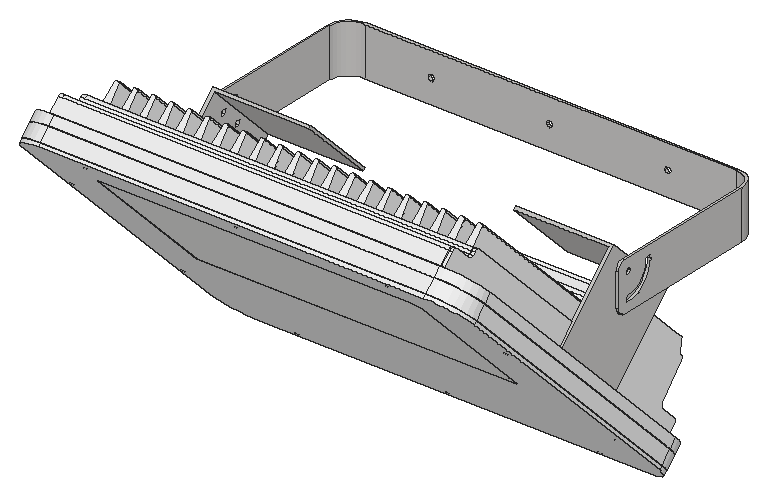
Revit family "FT ATEX LED MAX_2021", category Luminarias, Revit 2021 (continued)
Types (12, lengths in mm): name | Wattage | Power | Position | Archivo de red fotométrica | built-in parameter 1150142 | Modules | Lumens | built-in parameter 1150105 | built-in parameter 1150106 | Equiv MH
  PA404B | 180.42 W | 194 W | 50.00° | "PA404B.ies" | "IESNA:LM-63-2002\r\n[TEST] LEDMAX 2020-1/Converted LDT Editor version 1.3.0.0 - DIAL GmbH (www.dial.de) on 05-10-2020\r\n[TESTLAB] ies2eulumdat.appspot.com\r\n[ISSUEDATE] 2020-10-06T06:31:36.861\r\n[MANUFAC] AIRFAL\r\n[LUMCAT] PA404B\r\n[LUMINAIRE] LED MAX 190W 28500lm ASIMÉTRICA\r\n[LAMPCAT] TRIDONIC LED MODULES\r\n[LAMP] TRIDONIC LED MODULES\r\nTILT=NONE\r\n1\t28500\t1\t91\t72\t1\t2\t0.223\t0.400\t0.003\r\n1.0\t1.0\t195.00\r\n0\t 2\t 4\t 6\t 8\t 10\t 12\t 14\t 16\t 18\r\n20\t 22\t 24\t 26\t 28\t 30\t 32\t 34\t 36\t 38\r\n40\t 42\t 44\t 46\t 48\t 50\t 52\t 54\t 56\t 58\r\n60\t 62\t 64\t 66\t 68\t 70\t 72\t 74\t 76\t 78\r\n80\t 82\t 84\t 86\t 88\t 90\t 92\t 94\t 96\t 98\r\n100\t 102\t 104\t 106\t 108\t 110\t 112\t 114\t 116\t 118\r\n120\t 122\t 124\t 126\t 128\t 130\t 132\t 134\t 136\t 138\r\n140\t 142\t 144\t 146\t 148\t 150\t 152\t 154\t 156\t 158\r\n160\t 162\t 164\t 166\t 168\t 170\t 172\t 174\t 176\t 178\r\n180\r\n0\t 5\t 10\t 15\t 20\t 25\t 30\t 35\t 40\t 45\r\n50\t 55\t 60\t 65\t 70\t 75\t 80\t 85\t 90\t 95\r\n100\t 105\t 110\t 115\t 120\t 125\t 130\t 135\t 140\t 145\r\n150\t 155\t 160\t 165\t 170\t 175\t 180\t 185\t 190\t 195\r\n200\t 205\t 210\t 215\t 220\t 225\t 230\t 235\t 240\t 245\r\n250\t 255\t 260\t 265\t 270\t 275\t 280\t 285\t 290\t 295\r\n300\t 305\t 310\t 315\t 320\t 325\t 330\t 335\t 340\t 345\r\n350\t 355\r\n4670.295\t4843.29\t5018.85\t5210.655\t5412.72\t5622.48\t5838.795\t6039.72\t6232.095\t6409.08\r\n6566.115\t6712.035\t6851.97\t6985.635\t7115.595\t7245.27\t7392.33\t7543.95\t7683.315\t7869.135\r\n8129.91\t8478.465\t8909.1\t9446.325\t10049.385\t10585.185\t11071.68\t11510.295\t12038.685\t12367.575\r\n11078.235\t9072.12\t6158.28\t3879.99\t2544.195\t1715.415\t1249.155\t946.2\t667.185\t520.125\r\n413.82\t325.47\t262.485\t219.165\t182.115\t147.915\t0\t0\t0\t0\r\n0\t0\t0\t0\t0\t0\t0\t0\t0\t0\r\n0\t0\t0\t0\t0\t0\t0\t0\t0\t0\r\n0\t0\t0\t0\t0\t0\t0\t0\t0\t0\r\n0\t0\t0\t0\t0\t0\t0\t0\t0\t0\r\n0\r\n4661.745\t4834.74\t5008.305\t5196.405\t5397.045\t5607.375\t5817.705\t6020.34\t6214.425\t6397.11\r\n6556.14\t6703.2\t6841.995\t6975.945\t7103.91\t7231.305\t7382.355\t7531.41\t7669.35\t7845.48\r\n8098.845\t8424.885\t8833.29\t9343.44\t9945.93\t10480.875\t10952.835\t11361.24\t11859.99\t12222.225\r\n11058.855\t9011.415\t6372.03\t4022.49\t2657.91\t1813.17\t1308.435\t990.375\t700.245\t541.785\r\n442.605\t352.26\t275.31\t225.15\t185.535\t148.485\t0\t0\t0\t0\r\n0\t0\t0\t0\t0\t0\t0\t0\t0\t0\r\n0\t0\t0\t0\t0\t0\t0\t0\t0\t0\r\n0\t0\t0\t0\t0\t0\t0\t0\t0\t0\r\n0\t0\t0\t0\t0\t0\t0\t0\t0\t0\r\n0\r\n4662.6\t4833.315\t5004.885\t5189.85\t5386.785\t5590.845\t5796.615\t5997.825\t6193.335\t6372.885\r\n6533.055\t6678.975\t6817.485\t6946.875\t7070.85\t7195.68\t7342.17\t7488.66\t7626.6\t7785.63\r\n8013.63\t8322\t8696.205\t9163.32\t9756.975\t10278.525\t10717.71\t11137.515\t11614.605\t12110.22\r\n11295.69\t9164.46\t6828.6\t4310.625\t2840.595\t1941.99\t1386.81\t1052.505\t760.095\t579.975\r\n477.09\t384.75\t296.115\t237.69\t198.075\t160.17\t0\t0\t0\t0\r\n0\t0\t0\t0\t0\t0\t0\t0\t0\t0\r\n0\t0\t0\t0\t0\t0\t0\t0\t0\t0\r\n0\t0\t0\t0\t0\t0\t0\t0\t0\t0\r\n0\t0\t0\t0\t0\t0\t0\t0\t0\t0\r\n0\r\n4654.62\t4822.77\t4986.93\t5166.765\t5356.005\t5553.225\t5749.305\t5946.525\t6137.76\t6315.885\r\n6475.77\t6622.83\t6759.63\t6884.745\t7007.58\t7124.43\t7260.945\t7395.465\t7521.72\t7656.81\r\n7840.35\t8106.255\t8425.74\t8826.165\t9381.06\t9968.16\t10473.75\t10915.215\t11325.045\t11867.4\r\n11702.385\t9642.975\t7623.18\t4972.68\t3249\t2195.925\t1552.11\t1157.385\t865.545\t646.665\r\n539.79\t435.48\t331.74\t255.93\t211.185\t176.985\t0\t0\t0\t0\r\n0\t0\t0\t0\t0\t0\t0\t0\t0\t0\r\n0\t0\t0\t0\t0\t0\t0\t0\t0\t0\r\n0\t0\t0\t0\t0\t0\t0\t0\t0\t0\r\n0\t0\t0\t0\t0\t0\t0\t0\t0\t0\r\n0\r\n4659.18\t4820.775\t4981.8\t5152.8\t5334.915\t5520.165\t5713.11\t5901.78\t6087.03\t6258.6\r\n6416.205\t6560.985\t6692.94\t6814.92\t6926.355\t7033.8\t7156.635\t7274.91\t7363.26\t7467.285\r\n7598.67\t7814.7\t8136.465\t8551.71\t9071.55\t9676.035\t10203\t10649.31\t11006.985\t11502.315\r\n11856.855\t10376.85\t8226.81\t5805.165\t3787.65\t2527.95\t1764.435\t1286.205\t960.735\t719.055\r\n597.93\t489.63\t370.785\t279.87\t225.15\t187.245\t0\t0\t0\t0\r\n0\t0\t0\t0\t0\t0\t0\t0\t0\t0\r\n0\t0\t0\t0\t0\t0\t0\t0\t0\t0\r\n0\t0\t0\t0\t0\t0\t0\t0\t0\t0\r\n0\t0\t0\t0\t0\t0\t0\t0\t0\t0\r\n0\r\n4649.205\t4804.815\t4956.15\t5119.17\t5289.885\t5465.445\t5643\t5820.555\t5999.25\t6165.405\r\n6316.17\t6457.815\t6587.205\t6701.205\t6804.375\t6893.295\t6988.485\t7092.795\t7152.645\t7233.3\r\n7364.685\t7569.03\t7852.89\t8203.725\t8655.735\t9229.155\t9782.055\t10255.155\t10647.315\t11042.61\r\n11662.77\t11375.205\t9132.255\t7016.13\t4769.475\t3183.735\t2165.715\t1538.145\t1122.33\t822.795\r\n661.77\t531.81\t395.865\t294.975\t233.415\t192.09\t0\t0\t0\t0\r\n0\t0\t0\t0\t0\t0\t0\t0\t0\t0\r\n0\t0\t0\t0\t0\t0\t0\t0\t0\t0\r\n0\t0\t0\t0\t0\t0\t0\t0\t0\t0\r\n0\t0\t0\t0\t0\t0\t0\t0\t0\t0\r\n0\r\n4653.765\t4800.255\t4943.04\t5092.665\t5252.265\t5414.145\t5579.16\t5746.74\t5915.46\t6071.925\r\n6214.425\t6346.38\t6468.36\t6571.245\t6661.875\t6738.825\t6814.35\t6910.68\t6969.96\t7054.32\r\n7150.08\t7296.57\t7521.72\t7814.415\t8192.04\t8681.1\t9256.23\t9784.335\t10254.015\t10588.605\r\n11066.265\t11598.645\t10403.925\t8175.51\t6135.195\t4191.495\t2843.16\t1957.665\t1390.23\t996.36\r\n758.67\t592.515\t434.055\t321.195\t250.23\t201.21\t0\t0\t0\t0\r\n0\t0\t0\t0\t0\t0\t0\t0\t0\t0\r\n0\t0\t0\t0\t0\t0\t0\t0\t0\t0\r\n0\t0\t0\t0\t0\t0\t0\t0\t0\t0\r\n0\t0\t0\t0\t0\t0\t0\t0\t0\t0\r\n0\r\n4648.635\t4786.005\t4919.1\t5055.9\t5199.54\t5348.88\t5499.075\t5653.545\t5803.455\t5949.945\r\n6086.46\t6208.44\t6321.87\t6420.195\t6507.405\t6578.085\t6644.49\t6744.81\t6792.975\t6855.96\r\n6922.935\t7014.99\t7162.05\t7384.92\t7671.915\t8071.77\t8575.935\t9171.3\t9724.77\t10203.855\r\n10526.475\t11067.405\t11316.495\t9794.88\t7788.765\t5916.315\t4145.895\t2835.18\t1973.625\t1398.78\r\n1005.48\t753.54\t536.94\t384.75\t284.43\t216.315\t0\t0\t0\t0\r\n0\t0\t0\t0\t0\t0\t0\t0\t0\t0\r\n0\t0\t0\t0\t0\t0\t0\t0\t0\t0\r\n0\t0\t0\t0\t0\t0\t0\t0\t0\t0\r\n0\t0\t0\t0\t0\t0\t0\t0\t0\t0\r\n0\r\n4649.775\t4776.6\t4896.87\t5021.985\t5151.375\t5284.185\t5418.705\t5554.08\t5687.745\t5821.125\r\n5944.53\t6060.81\t6167.685\t6259.455\t6341.82\t6411.075\t6472.92\t6554.145\t6599.175\t6645.915\r\n6686.385\t6743.67\t6837.15\t6992.19\t7226.46\t7529.985\t7953.21\t8507.535\t9135.675\t9737.88\r\n10212.405\t10517.355\t11041.755\t11056.86\t9567.165\t7770.81\t6072.495\t4390.71\t3044.37\t2122.11\r\n1500.525\t1074.165\t744.135\t524.4\t374.775\t273.885\t0\t0\t0\t0\r\n0\t0\t0\t0\t0\t0\t0\t0\t0\t0\r\n0\t0\t0\t0\t0\t0\t0\t0\t0\t0\r\n0\t0\t0\t0\t0\t0\t0\t0\t0\t0\r\n0\t0\t0\t0\t0\t0\t0\t0\t0\t0\r\n0\r\n4645.785\t4762.92\t4873.5\t4980.66\t5096.085\t5209.515\t5327.505\t5444.925\t5560.635\t5676.63\r\n5786.925\t5892.945\t5990.13\t6077.34\t6157.14\t6226.395\t6284.25\t6349.515\t6389.13\t6430.74\r\n6472.35\t6498\t6557.565\t6655.89\t6813.495\t7056.315\t7358.415\t7794.18\t8393.25\t9101.76\r\n9801.15\t10374.855\t10730.25\t11120.415\t11305.665\t10146.285\t8811.63\t7362.69\t5267.37\t3544.545\r\n2441.31\t1716.84\t1187.595\t800.28\t527.82\t332.025\t0\t0\t0\t0\r\n0\t0\t0\t0\t0\t0\t0\t0\t0\t0\r\n0\t0\t0\t0\t0\t0\t0\t0\t0\t0\r\n0\t0\t0\t0\t0\t0\t0\t0\t0\t0\r\n0\t0\t0\t0\t0\t0\t0\t0\t0\t0\r\n0\r\n4645.215\t4750.95\t4849.845\t4943.04\t5041.08\t5138.835\t5237.73\t5332.065\t5435.805\t5530.995\r\n5624.475\t5715.39\t5801.46\t5886.96\t5962.485\t6028.32\t6081.615\t6134.055\t6201.885\t6207.3\r\n6257.175\t6299.64\t6346.38\t6410.505\t6507.975\t6660.45\t6917.805\t7252.395\t7749.72\t8434.005\r\n9268.2\t10174.785\t10962.525\t11477.235\t11854.29\t11946.345\t11091.345\t9542.655\t7102.485\t4731\r\n3211.38\t2185.95\t1457.775\t941.07\t595.08\t376.2\t0\t0\t0\t0\r\n0\t0\t0\t0\t0\t0\t0\t0\t0\t0\r\n0\t0\t0\t0\t0\t0\t0\t0\t0\t0\r\n0\t0\t0\t0\t0\t0\t0\t0\t0\t0\r\n0\t0\t0\t0\t0\t0\t0\t0\t0\t0\r\n0\r\n4641.51\t4734.42\t4820.205\t4898.865\t4976.385\t5060.175\t5139.405\t5217.21\t5300.43\t5377.665\r\n5451.765\t5524.155\t5598.255\t5671.5\t5741.895\t5805.45\t5858.745\t5902.92\t5981.01\t6001.815\r\n6041.43\t6110.115\t6146.31\t6193.905\t6252.615\t6376.59\t6563.55\t6859.665\t7235.01\t7803.3\r\n8655.165\t9707.67\t10881.585\t11888.49\t12175.485\t12190.59\t11998.5\t10570.08\t8018.475\t5480.835\r\n3607.53\t2364.36\t1519.05\t947.625\t574.56\t352.26\t0\t0\t0\t0\r\n0\t0\t0\t0\t0\t0\t0\t0\t0\t0\r\n0\t0\t0\t0\t0\t0\t0\t0\t0\t0\r\n0\t0\t0\t0\t0\t0\t0\t0\t0\t0\r\n0\t0\t0\t0\t0\t0\t0\t0\t0\t0\r\n0\r\n4645.215\t4725.3\t4795.695\t4860.39\t4919.67\t4986.36\t5045.925\t5106.63\t5167.335\t5231.175\r\n5283.33\t5338.905\t5395.62\t5454.33\t5512.185\t5566.62\t5619.345\t5667.51\t5729.355\t5784.075\r\n5852.19\t5906.91\t5955.645\t5990.7\t6068.505\t6192.48\t6362.055\t6606.87\t6987.915\t7437.93\r\n8231.085\t9221.46\t10318.14\t11340.72\t11955.75\t12014.46\t11209.62\t9837.63\t7565.04\t5363.13\r\n3529.44\t2203.905\t1346.055\t813.105\t492.195\t312.075\t0\t0\t0\t0\r\n0\t0\t0\t0\t0\t0\t0\t0\t0\t0\r\n0\t0\t0\t0\t0\t0\t0\t0\t0\t0\r\n0\t0\t0\t0\t0\t0\t0\t0\t0\t0\r\n0\t0\t0\t0\t0\t0\t0\t0\t0\t0\r\n0\r\n4639.515\t4705.35\t4761.495\t4811.085\t4855.83\t4902\t4947.6\t4991.775\t5031.39\t5073.57\r\n5108.625\t5148.24\t5185.86\t5227.185\t5270.79\t5313.825\t5361.99\t5406.165\t5458.89\t5548.665\r\n5613.36\t5668.08\t5713.11\t5781.51\t5885.82\t6026.895\t6193.905\t6427.035\t6795.825\t7272.06\r\n7932.12\t8682.81\t9522.99\t10263.705\t10766.16\t10800.93\t9768.945\t8268.42\t6674.415\t4911.975\r\n3167.205\t1947.975\t1157.385\t671.175\t407.265\t267.33\t0\t0\t0\t0\r\n0\t0\t0\t0\t0\t0\t0\t0\t0\t0\r\n0\t0\t0\t0\t0\t0\t0\t0\t0\t0\r\n0\t0\t0\t0\t0\t0\t0\t0\t0\t0\r\n0\t0\t0\t0\t0\t0\t0\t0\t0\t0\r\n0\r\n4641.51\t4691.67\t4735.845\t4772.61\t4798.26\t4829.895\t4858.965\t4884.9\t4907.13\t4927.08\r\n4947.6\t4970.685\t4992.345\t5012.295\t5042.505\t5073.57\t5110.335\t5152.8\t5206.95\t5289.885\r\n5345.46\t5401.605\t5455.47\t5547.24\t5672.64\t5819.985\t6002.1\t6259.455\t6591.195\t7112.46\r\n7611.78\t8168.1\t8735.535\t9138.24\t9253.095\t9053.025\t8089.725\t6931.485\t5738.76\t4067.235\r\n2659.05\t1589.73\t876.945\t501.6\t337.725\t257.925\t0\t0\t0\t0\r\n0\t0\t0\t0\t0\t0\t0\t0\t0\t0\r\n0\t0\t0\t0\t0\t0\t0\t0\t0\t0\r\n0\t0\t0\t0\t0\t0\t0\t0\t0\t0\r\n0\t0\t0\t0\t0\t0\t0\t0\t0\t0\r\n0\r\n4636.665\t4672.29\t4703.355\t4724.445\t4737.84\t4752.945\t4769.475\t4780.59\t4784.58\t4787.715\r\n4792.275\t4798.26\t4804.245\t4810.8\t4823.625\t4841.295\t4863.81\t4902\t4944.75\t5007.45\r\n5060.175\t5101.215\t5157.93\t5258.25\t5381.655\t5525.58\t5702.28\t5949.66\t6277.695\t6728.565\r\n7113.03\t7519.44\t7906.185\t8101.695\t8005.08\t7759.125\t6994.47\t5937.12\t4854.975\t3453.06\r\n2228.415\t1317.84\t729.315\t455.145\t340.005\t263.34\t0\t0\t0\t0\r\n0\t0\t0\t0\t0\t0\t0\t0\t0\t0\r\n0\t0\t0\t0\t0\t0\t0\t0\t0\t0\r\n0\t0\t0\t0\t0\t0\t0\t0\t0\t0\r\n0\t0\t0\t0\t0\t0\t0\t0\t0\t0\r\n0\r\n4634.1\t4657.185\t4673.715\t4678.275\t4680.27\t4679.7\t4680.84\t4677.135\t4666.59\t4654.62\r\n4645.785\t4636.095\t4628.685\t4621.56\t4623.555\t4630.965\t4644.645\t4662.315\t4691.385\t4740.405\r\n4779.735\t4800.54\t4855.26\t4944.18\t5059.035\t5183.865\t5333.49\t5555.79\t5841.075\t6188.205\r\n6473.205\t6755.355\t7024.68\t7113.6\t6944.88\t6639.93\t6081.615\t5100.075\t3964.35\t2887.335\r\n1965.075\t1252.29\t712.5\t476.52\t367.65\t290.985\t0\t0\t0\t0\r\n0\t0\t0\t0\t0\t0\t0\t0\t0\t0\r\n0\t0\t0\t0\t0\t0\t0\t0\t0\t0\r\n0\t0\t0\t0\t0\t0\t0\t0\t0\t0\r\n0\t0\t0\t0\t0\t0\t0\t0\t0\t0\r\n0\r\n4630.965\t4639.515\t4641.51\t4634.1\t4621.56\t4609.59\t4595.91\t4578.81\t4557.435\t4534.35\r\n4512.12\t4492.17\t4471.935\t4461.39\t4454.55\t4457.97\t4444.86\t4440.015\t4469.655\t4504.71\r\n4523.805\t4528.365\t4572.825\t4632.675\t4715.895\t4815.645\t4929.645\t5082.12\t5286.18\t5533.275\r\n5728.215\t5893.23\t6049.98\t6104.13\t5955.93\t5623.905\t5168.475\t4475.07\t3605.25\t2783.31\r\n2086.485\t1476.015\t933.66\t576.84\t460.56\t354.825\t0\t0\t0\t0\r\n0\t0\t0\t0\t0\t0\t0\t0\t0\t0\r\n0\t0\t0\t0\t0\t0\t0\t0\t0\t0\r\n0\t0\t0\t0\t0\t0\t0\t0\t0\t0\r\n0\t0\t0\t0\t0\t0\t0\t0\t0\t0\r\n0\r\n4668.585\t4660.605\t4646.07\t4622.985\t4593.915\t4564.845\t4538.34\t4508.13\t4472.505\t4438.59\r\n4402.395\t4369.62\t4339.695\t4321.455\t4307.49\t4294.095\t4256.76\t4249.35\t4269.015\t4286.97\r\n4276.995\t4272.435\t4302.075\t4345.11\t4399.26\t4461.39\t4526.655\t4619.565\t4748.385\t4896.87\r\n4998.9\t5059.035\t5091.24\t5075.565\t4950.165\t4664.595\t4273.29\t3836.955\t3316.545\t2780.745\r\n2278.29\t1797.495\t1334.94\t930.24\t589.38\t394.725\t0\t0\t0\t0\r\n0\t0\t0\t0\t0\t0\t0\t0\t0\t0\r\n0\t0\t0\t0\t0\t0\t0\t0\t0\t0\r\n0\t0\t0\t0\t0\t0\t0\t0\t0\t0\r\n0\t0\t0\t0\t0\t0\t0\t0\t0\t0\r\n0\r\n4675.71\t4654.05\t4625.55\t4585.365\t4545.75\t4504.71\t4464.525\t4423.77\t4378.74\t4334.565\r\n4287.54\t4246.785\t4216.575\t4190.64\t4168.98\t4124.805\t4081.77\t4077.78\t4088.895\t4079.775\r\n4044.72\t4037.595\t4050.705\t4078.35\t4104.855\t4135.065\t4170.69\t4208.31\t4269.87\t4337.7\r\n4397.835\t4389.855\t4346.535\t4296.945\t4201.185\t3993.99\t3717.54\t3419.145\t3086.835\t2782.455\r\n2438.745\t2110.71\t1795.5\t1414.17\t874.38\t535.23\t0\t0\t0\t0\r\n0\t0\t0\t0\t0\t0\t0\t0\t0\t0\r\n0\t0\t0\t0\t0\t0\t0\t0\t0\t0\r\n0\t0\t0\t0\t0\t0\t0\t0\t0\t0\r\n0\t0\t0\t0\t0\t0\t0\t0\t0\t0\r\n0\r\n4690.245\t4652.055\t4608.45\t4558.86\t4505.28\t4452.555\t4401.255\t4348.53\t4294.38\t4241.37\r\n4190.07\t4144.47\t4110.27\t4079.205\t4035.6\t3976.32\t3937.845\t3925.59\t3922.17\t3893.67\r\n3848.355\t3831.54\t3828.975\t3834.39\t3832.965\t3835.815\t3840.375\t3844.365\t3850.065\t3860.895\r\n3887.685\t3879.99\t3826.41\t3752.025\t3680.775\t3563.64\t3386.94\t3176.61\t2959.44\t2791.29\r\n2585.805\t2301.66\t2005.83\t1617.945\t848.445\t503.595\t0\t0\t0\t0\r\n0\t0\t0\t0\t0\t0\t0\t0\t0\t0\r\n0\t0\t0\t0\t0\t0\t0\t0\t0\t0\r\n0\t0\t0\t0\t0\t0\t0\t0\t0\t0\r\n0\t0\t0\t0\t0\t0\t0\t0\t0\t0\r\n0\r\n4686.255\t4634.67\t4578.81\t4517.25\t4449.99\t4386.15\t4324.02\t4262.745\t4200.045\t4143.9\r\n4087.755\t4039.59\t3998.835\t3955.23\t3885.975\t3821.85\t3780.24\t3764.28\t3742.05\t3695.88\r\n3648.285\t3625.77\t3613.23\t3603.255\t3585.015\t3555.09\t3530.865\t3505.215\t3479.85\t3455.625\r\n3454.2\t3465.03\t3437.955\t3369.84\t3301.725\t3216.795\t3110.49\t2983.665\t2878.215\t2803.83\r\n2661.33\t2335.86\t1897.53\t1479.435\t810.255\t431.49\t0\t0\t0\t0\r\n0\t0\t0\t0\t0\t0\t0\t0\t0\t0\r\n0\t0\t0\t0\t0\t0\t0\t0\t0\t0\r\n0\t0\t0\t0\t0\t0\t0\t0\t0\t0\r\n0\t0\t0\t0\t0\t0\t0\t0\t0\t0\r\n0\r\n4689.675\t4624.695\t4557.72\t4483.62\t4405.245\t4331.715\t4260.465\t4191.21\t4122.81\t4059.54\r\n3999.975\t3941.265\t3899.085\t3830.4\t3749.745\t3680.775\t3631.755\t3606.105\t3569.625\t3508.92\r\n3456.195\t3431.685\t3408.885\t3379.245\t3355.875\t3321.105\t3278.64\t3235.89\t3194.85\t3154.665\r\n3122.46\t3130.44\t3121.605\t3090.825\t3035.25\t2976.54\t2923.815\t2862.54\t2826.63\t2751.39\r\n2579.82\t2267.745\t1838.82\t1154.82\t564.87\t273.315\t0\t0\t0\t0\r\n0\t0\t0\t0\t0\t0\t0\t0\t0\t0\r\n0\t0\t0\t0\t0\t0\t0\t0\t0\t0\r\n0\t0\t0\t0\t0\t0\t0\t0\t0\t0\r\n0\t0\t0\t0\t0\t0\t0\t0\t0\t0\r\n0\r\n4691.385\t4612.44\t4533.21\t4448.85\t4357.08\t4275.285\t4197.765\t4123.38\t4048.14\t3980.025\r\n3913.62\t3854.055\t3791.64\t3704.43\t3614.085\t3537.99\t3477.855\t3447.075\t3388.365\t3319.68\r\n3269.52\t3235.32\t3204.825\t3172.62\t3141.555\t3111.06\t3070.875\t3022.14\t2975.4\t2924.385\r\n2892.75\t2877.645\t2896.74\t2903.295\t2890.755\t2875.65\t2848.005\t2814.375\t2744.835\t2592.645\r\n2366.355\t2051.43\t1606.545\t890.055\t355.11\t217.74\t0\t0\t0\t0\r\n0\t0\t0\t0\t0\t0\t0\t0\t0\t0\r\n0\t0\t0\t0\t0\t0\t0\t0\t0\t0\r\n0\t0\t0\t0\t0\t0\t0\t0\t0\t0\r\n0\t0\t0\t0\t0\t0\t0\t0\t0\t0\r\n0\r\n4690.815\t4599.615\t4510.695\t4418.355\t4318.605\t4229.115\t4143.9\t4061.25\t3980.025\t3906.21\r\n3834.96\t3769.695\t3684.48\t3586.155\t3484.125\t3397.485\t3326.235\t3283.2\t3212.235\t3136.14\r\n3089.4\t3053.205\t3023.565\t2990.505\t2958.015\t2922.39\t2879.07\t2833.47\t2796.99\t2768.205\r\n2745.69\t2735.145\t2743.695\t2771.91\t2822.64\t2860.26\t2861.115\t2812.38\t2663.895\t2419.65\r\n2105.58\t1741.35\t1142.85\t519.27\t264.48\t202.065\t0\t0\t0\t0\r\n0\t0\t0\t0\t0\t0\t0\t0\t0\t0\r\n0\t0\t0\t0\t0\t0\t0\t0\t0\t0\r\n0\t0\t0\t0\t0\t0\t0\t0\t0\t0\r\n0\t0\t0\t0\t0\t0\t0\t0\t0\t0\r\n0\r\n4688.82\t4587.36\t4489.035\t4384.725\t4278.42\t4180.095\t4085.19\t3991.995\t3909.06\t3830.4\r\n3754.02\t3674.505\t3568.485\t3457.05\t3352.17\t3254.415\t3176.61\t3124.455\t3043.23\t2967.135\r\n2919.825\t2883.345\t2851.14\t2822.07\t2783.88\t2745.12\t2714.625\t2692.11\t2655.06\t2614.305\r\n2602.335\t2602.905\t2631.975\t2698.665\t2805.825\t2876.79\t2907.285\t2816.37\t2595.21\t2257.2\r\n1887.27\t1334.37\t693.405\t375.63\t254.79\t208.335\t0\t0\t0\t0\r\n0\t0\t0\t0\t0\t0\t0\t0\t0\t0\r\n0\t0\t0\t0\t0\t0\t0\t0\t0\t0\r\n0\t0\t0\t0\t0\t0\t0\t0\t0\t0\r\n0\t0\t0\t0\t0\t0\t0\t0\t0\t0\r\n0\r\n4692.24\t4577.955\t4469.94\t4357.65\t4245.93\t4137.345\t4032.465\t3934.71\t3848.07\t3760.29\r\n3678.78\t3580.17\t3458.76\t3339.63\t3227.34\t3121.89\t3033.825\t2975.4\t2890.185\t2813.52\r\n2766.21\t2729.73\t2696.67\t2665.89\t2641.95\t2618.865\t2592.36\t2560.725\t2526.525\t2498.025\r\n2502.3\t2531.085\t2575.545\t2678.145\t2775.33\t2869.095\t2865.675\t2715.195\t2442.165\t2061.975\r\n1656.135\t1087.275\t564.3\t347.13\t262.485\t213.75\t0\t0\t0\t0\r\n0\t0\t0\t0\t0\t0\t0\t0\t0\t0\r\n0\t0\t0\t0\t0\t0\t0\t0\t0\t0\r\n0\t0\t0\t0\t0\t0\t0\t0\t0\t0\r\n0\t0\t0\t0\t0\t0\t0\t0\t0\t0\r\n0\r\n4684.26\t4562.28\t4444.86\t4324.59\t4206.6\t4089.18\t3982.02\t3881.7\t3786.225\t3693.03\r\n3600.69\t3478.14\t3345.9\t3219.93\t3099.375\t2985.66\t2898.165\t2832.615\t2746.83\t2679\r\n2633.4\t2594.355\t2566.14\t2537.925\t2518.545\t2496.03\t2471.805\t2451.285\t2435.325\t2432.19\r\n2454.135\t2498.025\t2574.69\t2671.59\t2765.925\t2808.39\t2746.26\t2557.59\t2251.215\t1883.28\r\n1482.855\t949.335\t465.12\t331.74\t266.475\t215.745\t0\t0\t0\t0\r\n0\t0\t0\t0\t0\t0\t0\t0\t0\t0\r\n0\t0\t0\t0\t0\t0\t0\t0\t0\t0\r\n0\t0\t0\t0\t0\t0\t0\t0\t0\t0\r\n0\t0\t0\t0\t0\t0\t0\t0\t0\t0\r\n0\r\n4676.28\t4546.32\t4420.35\t4294.38\t4169.55\t4046.145\t3933.855\t3832.965\t3733.215\t3631.755\r\n3528.015\t3381.81\t3243.015\t3107.925\t2981.1\t2867.67\t2776.755\t2708.64\t2625.705\t2565\r\n2521.11\t2489.475\t2453.85\t2429.625\t2410.245\t2399.13\t2389.155\t2377.47\t2372.91\t2397.135\r\n2430.765\t2492.325\t2581.245\t2671.59\t2740.845\t2747.685\t2612.31\t2414.235\t2132.085\t1731.375\r\n1286.775\t821.655\t442.89\t336.585\t267.9\t220.305\t0\t0\t0\t0\r\n0\t0\t0\t0\t0\t0\t0\t0\t0\t0\r\n0\t0\t0\t0\t0\t0\t0\t0\t0\t0\r\n0\t0\t0\t0\t0\t0\t0\t0\t0\t0\r\n0\t0\t0\t0\t0\t0\t0\t0\t0\t0\r\n0\r\n4666.59\t4529.79\t4396.41\t4264.455\t4135.35\t4008.525\t3893.1\t3791.64\t3689.895\t3579.03\r\n3456.195\t3290.04\t3144.975\t3005.04\t2877.075\t2763.93\t2673.87\t2603.19\t2528.52\t2475.795\r\n2438.175\t2399.13\t2369.49\t2348.97\t2337.285\t2328.735\t2326.455\t2328.45\t2342.985\t2378.04\r\n2440.74\t2523.105\t2609.745\t2677.005\t2695.53\t2653.35\t2533.65\t2317.905\t1986.165\t1560.66\r\n1092.69\t688.845\t442.89\t349.125\t266.475\t215.745\t0\t0\t0\t0\r\n0\t0\t0\t0\t0\t0\t0\t0\t0\t0\r\n0\t0\t0\t0\t0\t0\t0\t0\t0\t0\r\n0\t0\t0\t0\t0\t0\t0\t0\t0\t0\r\n0\t0\t0\t0\t0\t0\t0\t0\t0\t0\r\n0\r\n4673.145\t4527.225\t4389.855\t4251.345\t4117.395\t3990\t3872.01\t3769.125\t3663.39\t3544.545\r\n3397.485\t3224.775\t3071.73\t2928.375\t2802.975\t2690.97\t2600.625\t2527.95\t2459.265\t2412.24\r\n2370.345\t2337.8
